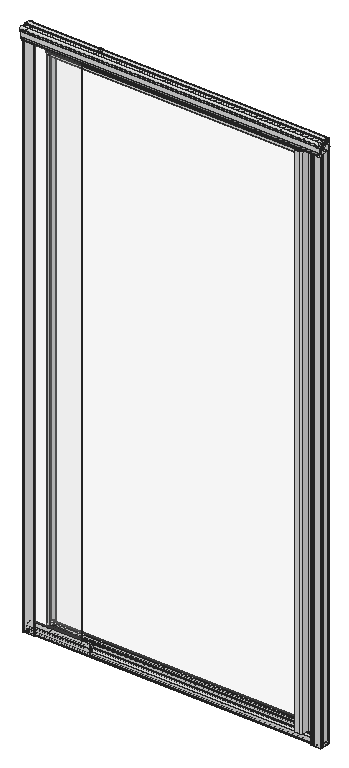
Revit family "Shower-Shower_Door-STERLING-Deluxe-572119_1", category Specialty Equipment, host Face, Revit 2021
Family settings
  Host = Face
  Round Connector Dimension = Use Diameter
  Part Type = Normal
  OmniClass Number = 23.31.17.17
  OmniClass Title = Shower Enclosures
  Cut with Voids When Loaded = No
  Shared = No
  Room Calculation Point = No
Parameters (values of type "S-Silver")
  Width = 8.84449" + Walk Through + 2.12165"  # 36.00551"
  WaterSense Certified = 1 = 0  # no
  Walk Through = 25.03937"
  URL = "https://www.sterlingplumbing.com/"
  Type = 1
  Product Page URL = "http://www.sterlingplumbing.com/detail?productNumber=572119-3G06"
  Product Name = "Deluxe"  # constant formula
  Product Documentation Link = "https://resources.kohler.com/plumbing/sterling/pdf/572119-3G06_spec_US-CA_Sterling_en.pdf"
  Model = "572119-3G06-S"  # constant formula
  Material = "Premium Metal Construction"  # constant formula
  Master Format 2014 Name = "Shower Doors"  # constant formula
  Master Format 2014 = "10 28 19.16"  # constant formula
  Manufacturer Address = "444 Highland Dr, Kohler, WI 53044"  # constant formula
  Manufacturer = "Sterling Co."  # constant formula
  Length = 2 15/256"  # constant formula
  Height = 65 173/256"  # constant formula
  Finish = Sterling-Metal-S-Silver
  Environmental Product Declaration = ""
  Distance = Walk Through + 4.19252"  # 29.23189"
  Description = "Bypass Door 65.5 X 36"  # constant formula
  Default Elevation = 4"
  Declare Label = ""
  Date Modified = "01/19/2023"  # constant formula
  Date Created = "01/19/2023"  # constant formula
  Copyright = "Copyright Sterling Co."  # constant formula
  Contact Us = "https://www.sterlingplumbing.com/contact-us"
  Assembly Code = "C1030200"
  ADA Compliant = 1 = 0  # no
Reference planes (in)
  plane 1 "Center (Front/Back)": y = 0
  plane 2: z = 0
  plane 3 "Center (Left/Right)": x = 0
  plane 4: x = -14.7125
  plane 5: x = -12.32296
  plane 6: x = -7.93888
  plane 7: x = 21.29301
  plane 8: y = 0.94571
  plane 9: y = 0.87118
  plane 10: y = -1.11288
  plane 11: y = 0.485
  plane 12: z = 65.67578
  plane 13: z = 65.565
  plane 14: z = 63.733
  plane 15: x = -7.7125
  plane 16: x = -5.86816
  plane 17: x = 18.26763
  plane 18: x = 20.01994
  plane 19: x = 19.70693
  plane 20: x = 19.01539
  plane 21: x = 19.17121
Dimensions and locks (in)
  "Length": plane 10 to plane 8
  "Height": plane 12 to level
  plane 4 to plane 6 = 6.77362"
  plane 15 to plane 4 = 7"
  locked: plane 16 to plane 3 "Center (Left/Right)" at 5.86816
  plane 17 to plane 20 to plane 21 to plane 19 to plane 18 to plane 7 = 0.74777" locked, 0.15582" locked, 0.53571" locked, 0.31301" locked, 1.27307" locked
  "Walk Through": plane 21 to plane 16
  "Distance": plane 6 to plane 7
  "Width": plane 7 to plane 4
  aligned and locked: plane 2 to host face
  aligned and locked: level to host face
Automatic sketch dimensions
  host sketch curve to host sketch curve = 96"  (x2)
Nested families (in)
  nested 1: "572119" at (0, 0, 0), type "572119"
    with Distance 29.23189"
Definition of nested family "572119"
  Parameters (values of type "K-572119")
    Distance = 27.55906"
    Material = none
    Default Elevation = 0"
  Reference planes (in)
    plane 1 "Center (Front/Back)": y = 0
    plane 2: z = 0
    plane 3 "Center (Left/Right)": x = 0
    plane 4: x = -14.7125
    plane 5: x = 18.03409
    plane 6: x = -7.9375
    plane 7: x = -12.32296
    plane 8: x = 18.34711
    plane 9: x = 19.62156
    plane 10: x = 19.50859
    plane 11: x = 17.49159
    plane 12: x = 18.03409
    plane 13: x = 19.62156
    plane 14: x = 18.03409
    plane 15: x = 19.50859
    plane 16: x = 17.65093
    plane 17: x = 17.34256
    plane 18: y = -1.111
    plane 19: y = 0.485
    plane 20: y = 0.87118
    plane 21: y = 0.99943
    plane 22: z = 65.675
    plane 23: z = 65.565
    plane 24: x = -9.5705
    plane 25: x = 16.59479
    plane 26: x = -7.70463
    plane 27: x = -5.86816
  Forms (in)
    Extrusion 1, solid, material <- "Material", detail levels medium+fine
      sketch origin (0, 0, 0) x (0, 1, 0) y (0, 0, 1)
        loop
          line (-1.061, 65.13165) -> (-1.061, 65.27359)
          arc (-1.061, 65.27359) -> (-1.01079, 65.39479) -> (-0.88959, 65.445) r 0.17141
          line (-0.88959, 65.445) -> (-0.70057, 65.445)
          arc (-0.70057, 65.445) -> (-0.68673, 65.43927) -> (-0.681, 65.42543) r 0.01957
          line (-0.681, 65.42543) -> (-0.681, 64.84236)
          arc (-0.681, 64.84236) -> (-0.656, 64.81736) -> (-0.631, 64.84236) r 0.025
          line (-0.631, 64.84236) -> (-0.631, 65.42479)
          arc (-0.631, 65.42479) -> (-0.62508, 65.43908) -> (-0.61079, 65.445) r 0.02021
          line (-0.61079, 65.445) -> (-0.43965, 65.445)
          arc (-0.43965, 65.445) -> (-0.42575, 65.43925) -> (-0.42, 65.42535) r 0.01965
          line (-0.42, 65.42535) -> (-0.42, 64.88523)
          arc (-0.42, 64.88523) -> (-0.39943, 64.83557) -> (-0.34977, 64.815) r 0.07023
          line (-0.34977, 64.815) -> (-0.29484, 64.815)
          arc (-0.29484, 64.815) -> (-0.26984, 64.84) -> (-0.29484, 64.865) r 0.025
          line (-0.29484, 64.865) -> (-0.34974, 64.865)
          arc (-0.34974, 64.865) -> (-0.36407, 64.87093) -> (-0.37, 64.88526) r 0.02026
          line (-0.37, 64.88526) -> (-0.37, 65.46846)
          arc (-0.37, 65.46846) -> (-0.35637, 65.50137) -> (-0.32346, 65.515) r 0.04654
          line (-0.32346, 65.515) -> (0.2445, 65.515)
          arc (0.2445, 65.515) -> (0.36506, 65.46506) -> (0.415, 65.3445) r 0.1705
          line (0.415, 65.3445) -> (0.415, 65.24513)
          arc (0.415, 65.24513) -> (0.41118, 65.22664) -> (0.40035, 65.21118) r 0.04667
          arc (0.40035, 65.21118) -> (0.38531, 65.18969) -> (0.38, 65.164) r 0.06485
          line (0.38, 65.164) -> (0.38, 64.88458)
          arc (0.38, 64.88458) -> (0.37427, 64.87073) -> (0.36042, 64.865) r 0.01958
          line (0.36042, 64.865) -> (0.31009, 64.865)
          arc (0.31009, 64.865) -> (0.28509, 64.84) -> (0.31009, 64.815) r 0.025
          line (0.31009, 64.815) -> (0.39529, 64.815)
          arc (0.39529, 64.815) -> (0.40923, 64.80923) -> (0.415, 64.79529) r 0.01971
          line (0.415, 64.79529) -> (0.415, 64.02433)
          arc (0.415, 64.02433) -> (0.44, 63.99933) -> (0.465, 64.02433) r 0.025
          line (0.465, 64.02433) -> (0.465, 64.39144) -> (0.485, 64.42) -> (0.46, 64.445) -> (0.485, 64.47) -> (0.465, 64.49384) -> (0.465, 64.81125)
          arc (0.465, 64.81125) -> (0.45913, 64.83937) -> (0.4425, 64.86278) r 0.07025
          arc (0.4425, 64.86278) -> (0.43326, 64.87578) -> (0.43, 64.89139) r 0.039
          line (0.43, 64.89139) -> (0.43, 65.15803)
          arc (0.43, 65.15803) -> (0.43416, 65.17548) -> (0.44575, 65.18916) r 0.03862
          arc (0.44575, 65.18916) -> (0.45991, 65.20587) -> (0.465, 65.22718) r 0.04718
          line (0.465, 65.22718) -> (0.465, 65.34359)
          arc (0.465, 65.34359) -> (0.40015, 65.50015) -> (0.24359, 65.565) r 0.22141
          line (0.24359, 65.565) -> (-0.37794, 65.565)
          arc (-0.37794, 65.565) -> (-0.39213, 65.55913) -> (-0.398, 65.54494) r 0.02006
          line (-0.398, 65.54494) -> (-0.398, 65.495) -> (-0.88885, 65.495)
          arc (-0.88885, 65.495) -> (-1.04593, 65.42993) -> (-1.111, 65.27285) r 0.22215
          line (-1.111, 65.27285) -> (-1.111, 65.08195)
          arc (-1.111, 65.08195) -> (-1.10516, 65.06784) -> (-1.09105, 65.062) r 0.01995
          line (-1.09105, 65.062) -> (-1.0463, 65.062)
          arc (-1.0463, 65.062) -> (-1.03195, 65.05605) -> (-1.026, 65.0417) r 0.0203
          line (-1.026, 65.0417) -> (-1.026, 64.314)
          arc (-1.026, 64.314) -> (-0.9772, 64.1848) -> (-0.85516, 64.12014) r 0.19541
          arc (-0.85516, 64.12014) -> (-0.82401, 64.08246) -> (-0.85965, 64.049) r 0.03571
          line (-0.85965, 64.049) -> (-0.91085, 64.049)
          arc (-0.91085, 64.049) -> (-0.93535, 64.0245) -> (-0.91085, 64) r 0.0245
          line (-0.91085, 64) -> (-0.83459, 64)
          arc (-0.83459, 64) -> (-0.79323, 64.01713) -> (-0.7761, 64.0585) r 0.0585
          line (-0.7761, 64.0585) -> (-0.7761, 64.10153)
          arc (-0.7761, 64.10153) -> (-0.79404, 64.14679) -> (-0.83813, 64.16746) r 0.06605
          arc (-0.83813, 64.16746) -> (-0.93611, 64.2134) -> (-0.976, 64.314) r 0.14681
          line (-0.976, 64.314) -> (-0.976, 65.046)
          arc (-0.976, 65.046) -> (-0.99497, 65.09204) -> (-1.04086, 65.11136) r 0.06536
          arc (-1.04086, 65.11136) -> (-1.05511, 65.11735) -> (-1.061, 65.13165) r 0.02029
      from -14.7125 to 19.62156
    Extrusion 2, solid, material <- "Material", detail levels medium+fine
      sketch origin (9.44882, 0, 0) x (1, 0, 0) y (0, 1, 0)
        loop
          line (8.89829, 0.365) -> (10.10219, 0.365)
          arc (10.10219, 0.365) -> (10.11672, 0.35898) -> (10.12274, 0.34446) r 0.02054
          line (10.12274, 0.34446) -> (10.12274, 0.29589)
          arc (10.12274, 0.29589) -> (10.11831, 0.28108) -> (10.10649, 0.27112) r 0.02702
          arc (10.10649, 0.27112) -> (10.07829, 0.24734) -> (10.06774, 0.212) r 0.06446
          line (10.06774, 0.212) -> (10.06774, -0.443)
          arc (10.06774, -0.443) -> (10.07833, -0.47877) -> (10.10669, -0.503) r 0.06569
          arc (10.10669, -0.503) -> (10.11837, -0.51298) -> (10.12274, -0.52771) r 0.02705
          line (10.12274, -0.52771) -> (10.12274, -0.57682)
          arc (10.12274, -0.57682) -> (10.11819, -0.59229) -> (10.106, -0.60285) r 0.02861
          arc (10.106, -0.60285) -> (10.07813, -0.62698) -> (10.06774, -0.66235) r 0.0654
          line (10.06774, -0.66235) -> (10.06774, -0.71502) -> (9.2617, -0.71502) -> (9.2617, -0.60928) -> (9.2117, -0.60928) -> (9.2117, -0.71502) -> (9.0357, -0.71502) -> (9.0357, -0.66009) -> (8.9857, -0.66009) -> (8.9857, -0.71502) -> (8.89829, -0.71502) -> (8.89829, -0.76512) -> (10.11774, -0.76512) -> (10.11774, -0.67227)
          arc (10.11774, -0.67227) -> (10.12241, -0.65607) -> (10.135, -0.64485) r 0.03041
          arc (10.135, -0.64485) -> (10.16252, -0.62033) -> (10.17274, -0.58492) r 0.06645
          line (10.17274, -0.58492) -> (10.17274, -0.52043)
          arc (10.17274, -0.52043) -> (10.1621, -0.48468) -> (10.13366, -0.46055) r 0.06541
          arc (10.13366, -0.46055) -> (10.12207, -0.45072) -> (10.11774, -0.43616) r 0.02665
          line (10.11774, -0.43616) -> (10.11774, 0.20474)
          arc (10.11774, 0.20474) -> (10.12228, 0.22007) -> (10.13443, 0.23045) r 0.02814
          arc (10.13443, 0.23045) -> (10.16232, 0.25427) -> (10.17274, 0.28943) r 0.06456
          line (10.17274, 0.28943) -> (10.17274, 0.39293)
          arc (10.17274, 0.39293) -> (10.16627, 0.40854) -> (10.15067, 0.415) r 0.02207
          line (10.15067, 0.415) -> (8.89829, 0.415) -> (8.89829, 0.365)
      from 0 to 64
    Extrusion 3, solid, material <- "Material", detail levels medium+fine
      sketch origin (0, 0, 0) x (-1, 0, 0) y (0, -1, 0)
        loop
          arc (14.28493, -0.36596) -> (14.25993, -0.39096) -> (14.28493, -0.41596) r 0.025
          line (14.28493, -0.41596) -> (14.68891, -0.41596)
          arc (14.68891, -0.41596) -> (14.71339, -0.39148) -> (14.68891, -0.367) r 0.02448
          line (14.68891, -0.367) -> (14.5311, -0.367)
          arc (14.5311, -0.367) -> (14.51724, -0.36126) -> (14.5115, -0.3474) r 0.0196
          line (14.5115, -0.3474) -> (14.5115, 0.36262)
          arc (14.5115, 0.36262) -> (14.51747, 0.37703) -> (14.53188, 0.383) r 0.02038
          line (14.53188, 0.383) -> (14.64412, 0.383)
          arc (14.64412, 0.383) -> (14.69247, 0.40303) -> (14.7125, 0.45138) r 0.06838
          line (14.7125, 0.45138) -> (14.7125, 0.63095)
          arc (14.7125, 0.63095) -> (14.7033, 0.65963) -> (14.67914, 0.67761) r 0.04931
          arc (14.67914, 0.67761) -> (14.66094, 0.70572) -> (14.68398, 0.73001) r 0.02707
          arc (14.68398, 0.73001) -> (14.71183, 0.7647) -> (14.67925, 0.795) r 0.03267
          line (14.67925, 0.795) -> (14.61241, 0.795)
          arc (14.61241, 0.795) -> (14.59193, 0.79143) -> (14.57386, 0.78116) r 0.06059
          arc (14.57386, 0.78116) -> (13.93876, 0.76602) -> (13.30371, 0.78328) r 12.45915
          arc (13.30371, 0.78328) -> (13.27781, 0.76039) -> (13.30022, 0.73409) r 0.02466
          arc (13.30022, 0.73409) -> (13.36881, 0.72965) -> (13.43753, 0.72853) r 1.42175
          line (13.43753, 0.72853) -> (13.43753, 0.65701)
          arc (13.43753, 0.65701) -> (13.46253, 0.63201) -> (13.48753, 0.65701) r 0.025
          line (13.48753, 0.65701) -> (13.48753, 0.72383)
          arc (13.48753, 0.72383) -> (14.03665, 0.71244) -> (14.58555, 0.732) r 9.75053
          arc (14.58555, 0.732) -> (14.60239, 0.72595) -> (14.6095, 0.70953) r 0.02252
          line (14.6095, 0.70953) -> (14.6095, 0.67694)
          arc (14.6095, 0.67694) -> (14.61989, 0.64157) -> (14.64776, 0.61744) r 0.0654
          arc (14.64776, 0.61744) -> (14.65995, 0.60688) -> (14.6645, 0.59141) r 0.02861
          line (14.6645, 0.59141) -> (14.6645, 0.45114)
          arc (14.6645, 0.45114) -> (14.65869, 0.4371) -> (14.64465, 0.43129) r 0.01985
          line (14.64465, 0.43129) -> (14.52125, 0.43129)
          arc (14.52125, 0.43129) -> (14.48041, 0.41437) -> (14.4635, 0.37354) r 0.05775
          line (14.4635, 0.37354) -> (14.4635, -0.34542)
          arc (14.4635, -0.34542) -> (14.45748, -0.35995) -> (14.44296, -0.36596) r 0.02054
          line (14.44296, -0.36596) -> (14.28493, -0.36596)
      from 0 to 64.815
    Extrusion 4, solid, material <- "Material", detail levels medium+fine
      sketch origin (9.44882, 0, 0) x (1, 0, 0) y (0, 1, 0)
        loop
          line (7.95727, 0.33321) -> (7.95727, 0.91732)
          arc (7.95727, 0.91732) -> (7.94896, 0.93739) -> (7.92888, 0.94571) r 0.0284
          line (7.92888, 0.94571) -> (7.14506, 0.94571) -> (7.14506, 0.8172) -> (7.18627, 0.8172) -> (7.18627, 0.89571) -> (7.88239, 0.89571)
          arc (7.88239, 0.89571) -> (7.89998, 0.88842) -> (7.90727, 0.87083) r 0.02489
          line (7.90727, 0.87083) -> (7.90727, 0.17108) -> (8.47878, 0.17108) -> (8.47878, -0.05979) -> (7.89374, -0.05979) -> (7.89374, -0.71933)
          arc (7.89374, -0.71933) -> (7.84185, -0.8446) -> (7.71659, -0.89649) r 0.17715
          line (7.71659, -0.89649) -> (7.20168, -0.89649) -> (7.20168, -0.81949) -> (7.14597, -0.81949) -> (7.14597, -0.96395) -> (7.76759, -0.96395)
          arc (7.76759, -0.96395) -> (7.9207, -0.90053) -> (7.98413, -0.74741) r 0.21654
          line (7.98413, -0.74741) -> (7.98413, -0.09828) -> (8.58527, -0.09828) -> (8.58527, 0.33321) -> (8.49808, 0.33321) -> (8.49808, 0.29321) -> (8.54527, 0.29321) -> (8.54527, 0.22821) -> (7.94327, 0.22821) -> (7.94327, 0.29321) -> (8.06134, 0.29321) -> (8.06134, 0.33321) -> (7.95727, 0.33321)
      from 0.858 to 63.733
    Extrusion 5, solid, material <- "Material", detail levels medium+fine
      sketch origin (0, 0, 0) x (0, 1, 0) y (0, 0, 1)
        loop
          line (-0.58329, 0.405) -> (-0.58329, 0.63016)
          arc (-0.58329, 0.63016) -> (-0.60829, 0.65516) -> (-0.63329, 0.63016) r 0.025
          line (-0.63329, 0.63016) -> (-0.63329, 0.15895)
          arc (-0.63329, 0.15895) -> (-0.60329, 0.12895) -> (-0.57329, 0.15895) r 0.03
          line (-0.57329, 0.15895) -> (-0.57329, 0.18982)
          arc (-0.57329, 0.18982) -> (-0.56738, 0.20409) -> (-0.55311, 0.21) r 0.02018
          line (-0.55311, 0.21) -> (-0.51318, 0.21)
          arc (-0.51318, 0.21) -> (-0.49912, 0.20417) -> (-0.49329, 0.1901) r 0.0199
          line (-0.49329, 0.1901) -> (-0.49329, 0.0903)
          arc (-0.49329, 0.0903) -> (-0.49924, 0.07595) -> (-0.51359, 0.07) r 0.0203
          line (-0.51359, 0.07) -> (-0.63329, 0.07) -> (-0.63329, 0.01981)
          arc (-0.63329, 0.01981) -> (-0.62749, 0.0058) -> (-0.61348, 0) r 0.01981
          line (-0.61348, 0) -> (-0.50871, 0)
          arc (-0.50871, 0) -> (-0.45892, 0.02063) -> (-0.43829, 0.07043) r 0.07043
          line (-0.43829, 0.07043) -> (-0.43829, 0.19468)
          arc (-0.43829, 0.19468) -> (-0.45889, 0.2444) -> (-0.50861, 0.265) r 0.07032
          line (-0.50861, 0.265) -> (-0.55328, 0.265)
          arc (-0.55328, 0.265) -> (-0.56743, 0.27086) -> (-0.57329, 0.28501) r 0.02001
          line (-0.57329, 0.28501) -> (-0.57329, 0.33193)
          arc (-0.57329, 0.33193) -> (-0.56741, 0.34612) -> (-0.55321, 0.352) r 0.02007
          line (-0.55321, 0.352) -> (0.28647, 0.352)
          arc (0.28647, 0.352) -> (0.30078, 0.34607) -> (0.30671, 0.33176) r 0.02024
          line (0.30671, 0.33176) -> (0.30671, 0.045) -> (0.00563, 0.045)
          arc (0.00563, 0.045) -> (-0.01687, 0.0225) -> (0.00563, 0) r 0.0225
          line (0.00563, 0) -> (0.34193, 0)
          arc (0.34193, 0) -> (0.35592, 0.00579) -> (0.36171, 0.01978) r 0.01978
          line (0.36171, 0.01978) -> (0.36171, 0.32621)
          arc (0.36171, 0.32621) -> (0.33863, 0.38192) -> (0.28292, 0.405) r 0.07879
          line (0.28292, 0.405) -> (-0.58329, 0.405)
      from -14.4635 to 19.62156
    Extrusion 6, solid, material <- "Material", detail levels medium+fine
      sketch origin (0, 0, 0) x (0, 1, 0) y (0, 0, 1)
        loop
          line (-0.66335, 0.085) -> (-0.5288, 0.085)
          arc (-0.5288, 0.085) -> (-0.5143, 0.09101) -> (-0.50829, 0.10551) r 0.02051
          line (-0.50829, 0.10551) -> (-0.50829, 0.17839)
          arc (-0.50829, 0.17839) -> (-0.53313, 0.20323) -> (-0.55797, 0.17839) r 0.02484
          line (-0.55797, 0.17839) -> (-0.55797, 0.14149)
          arc (-0.55797, 0.14149) -> (-0.56393, 0.12709) -> (-0.57833, 0.12112) r 0.02036
          line (-0.57833, 0.12112) -> (-0.6131, 0.12112)
          arc (-0.6131, 0.12112) -> (-0.62738, 0.12703) -> (-0.63329, 0.14131) r 0.02018
          line (-0.63329, 0.14131) -> (-0.63329, 0.82489)
          arc (-0.63329, 0.82489) -> (-0.6274, 0.83911) -> (-0.61318, 0.845) r 0.02011
          line (-0.61318, 0.845) -> (-0.4016, 0.845)
          arc (-0.4016, 0.845) -> (-0.38724, 0.83905) -> (-0.38129, 0.82468) r 0.02032
          line (-0.38129, 0.82468) -> (-0.38129, 0.54698)
          arc (-0.38129, 0.54698) -> (-0.35629, 0.52198) -> (-0.33129, 0.54698) r 0.025
          line (-0.33129, 0.54698) -> (-0.33129, 0.91969) -> (-0.36326, 1.37692)
          arc (-0.36326, 1.37692) -> (-0.38994, 1.40011) -> (-0.41314, 1.37343) r 0.025
          line (-0.41314, 1.37343) -> (-0.38147, 0.92055)
          arc (-0.38147, 0.92055) -> (-0.38659, 0.90611) -> (-0.40064, 0.9) r 0.01921
          line (-0.40064, 0.9) -> (-0.61334, 0.9)
          arc (-0.61334, 0.9) -> (-0.62784, 0.9063) -> (-0.63312, 0.92121) r 0.01982
          line (-0.63312, 0.92121) -> (-0.60149, 1.37344)
          arc (-0.60149, 1.37344) -> (-0.62467, 1.4001) -> (-0.65133, 1.37692) r 0.02498
          line (-0.65133, 1.37692) -> (-0.68329, 0.91988) -> (-0.68329, 0.10494)
          arc (-0.68329, 0.10494) -> (-0.67745, 0.09084) -> (-0.66335, 0.085) r 0.01994
      from -14.57386 to -6.71278
    Extrusion 7, solid, material <- "Material", detail levels medium+fine
      sketch origin (0, 0, 0) x (1, 0, 0) y (0, 1, 0)
        loop
          line (-11.97796, 0.70896) -> (-11.97796, 0.23924) -> (-12.2997, 0.23924)
          arc (-12.2997, 0.23924) -> (-12.31615, 0.23242) -> (-12.32296, 0.21597) r 0.02327
          line (-12.32296, 0.21597) -> (-12.32296, -0.0903)
          arc (-12.32296, -0.0903) -> (-12.3166, -0.10565) -> (-12.30125, -0.11201) r 0.02171
          line (-12.30125, -0.11201) -> (-11.95216, -0.11201)
          arc (-11.95216, -0.11201) -> (-11.92605, -0.0859) -> (-11.95216, -0.05979) r 0.02611
          line (-11.95216, -0.05979) -> (-12.28296, -0.05979) -> (-12.28296, 0.17318) -> (-11.96906, 0.17318)
          arc (-11.96906, 0.17318) -> (-11.94, 0.18522) -> (-11.92796, 0.21428) r 0.0411
          line (-11.92796, 0.21428) -> (-11.92796, 0.80371)
          arc (-11.92796, 0.80371) -> (-12.05795, 0.85533) -> (-11.99879, 0.7286) r 0.07524
          arc (-11.99879, 0.7286) -> (-11.98414, 0.72327) -> (-11.97796, 0.70896) r 0.01967
      from 1.106 to 63.27339
    Extrusion 8, solid, material <- "Material", detail levels medium+fine
      sketch origin (0, 0, 0) x (0, 1, 0) y (0, 0, 1)
        loop
          line (0.77252, 1.13401) -> (0.26663, 1.33308)
          arc (0.26663, 1.33308) -> (0.2276, 1.36425) -> (0.21289, 1.41198) r 0.08479
          line (0.21289, 1.41198) -> (0.21289, 1.7169)
          arc (0.21289, 1.7169) -> (0.1966, 1.75621) -> (0.15729, 1.7725) r 0.0556
          line (0.15729, 1.7725) -> (0.12419, 1.7725) -> (0.12419, 1.45522) -> (-0.00479, 1.45522) -> (-0.00479, 1.7725) -> (-0.04162, 1.7725)
          arc (-0.04162, 1.7725) -> (-0.0824, 1.75561) -> (-0.09929, 1.71483) r 0.05767
          line (-0.09929, 1.71483) -> (-0.09929, 1.35234)
          arc (-0.09929, 1.35234) -> (-0.10935, 1.32806) -> (-0.13363, 1.318) r 0.03434
          line (-0.13363, 1.318) -> (-0.22356, 1.318)
          arc (-0.22356, 1.318) -> (-0.23924, 1.31151) -> (-0.24573, 1.29583) r 0.02217
          line (-0.24573, 1.29583) -> (-0.24573, 0.87817)
          arc (-0.24573, 0.87817) -> (-0.23982, 0.86391) -> (-0.22556, 0.858) r 0.02017
          line (-0.22556, 0.858) -> (-0.10799, 0.858)
          arc (-0.10799, 0.858) -> (-0.07549, 0.8905) -> (-0.10799, 0.923) r 0.0325
          line (-0.10799, 0.923) -> (-0.15146, 0.923)
          arc (-0.15146, 0.923) -> (-0.16619, 0.9291) -> (-0.17229, 0.94382) r 0.02082
          line (-0.17229, 0.94382) -> (-0.17229, 1.23304)
          arc (-0.17229, 1.23304) -> (-0.16644, 1.24715) -> (-0.15233, 1.253) r 0.01996
          line (-0.15233, 1.253) -> (-0.07088, 1.253)
          arc (-0.07088, 1.253) -> (-0.0565, 1.2481) -> (-0.0481, 1.23544) r 0.02356
          arc (-0.0481, 1.23544) -> (-0.03728, 1.21039) -> (-0.01955, 1.18965) r 0.09133
          arc (-0.01955, 1.18965) -> (0.01463, 1.19133) -> (0.01452, 1.22554) r 0.02477
          arc (0.01452, 1.22554) -> (0.05738, 1.32666) -> (0.10093, 1.22584) r 0.05973
          arc (0.10093, 1.22584) -> (0.10167, 1.19064) -> (0.13687, 1.19098) r 0.02504
          arc (0.13687, 1.19098) -> (0.16405, 1.23784) -> (0.16485, 1.29201) r 0.10718
          arc (0.16485, 1.29201) -> (0.1699, 1.30803) -> (0.18645, 1.3109) r 0.01616
          line (0.18645, 1.3109) -> (0.34499, 1.24851)
          arc (0.34499, 1.24851) -> (0.35786, 1.23823) -> (0.36271, 1.22249) r 0.02797
          line (0.36271, 1.22249) -> (0.36271, 1.16873)
          arc (0.36271, 1.16873) -> (0.35703, 1.15427) -> (0.34302, 1.14754) r 0.02125
          arc (0.34302, 1.14754) -> (0.30367, 1.12863) -> (0.28771, 1.08801) r 0.05969
          line (0.28771, 1.08801) -> (0.28771, 0.94276)
          arc (0.28771, 0.94276) -> (0.28192, 0.92879) -> (0.26795, 0.923) r 0.01976
          line (0.26795, 0.923) -> (0.19571, 0.923) -> (0.19571, 0.87813)
          arc (0.19571, 0.87813) -> (0.20161, 0.8639) -> (0.21584, 0.858) r 0.02013
          line (0.21584, 0.858) -> (0.32846, 0.858)
          arc (0.32846, 0.858) -> (0.34298, 0.86402) -> (0.349, 0.87854) r 0.02054
          line (0.349, 0.87854) -> (0.349, 1.06878)
          arc (0.349, 1.06878) -> (0.38787, 1.10766) -> (0.42675, 1.06878) r 0.03887
          line (0.42675, 1.06878) -> (0.42675, 0.87636)
          arc (0.42675, 0.87636) -> (0.43406, 0.8624) -> (0.4497, 0.86046) r 0.01698
          arc (0.4497, 0.86046) -> (0.47728, 0.88198) -> (0.48771, 0.91536) r 0.05866
          line (0.48771, 0.91536) -> (0.48771, 1.08801)
          arc (0.48771, 1.08801) -> (0.47159, 1.12896) -> (0.43188, 1.14795) r 0.0601
          arc (0.43188, 1.14795) -> (0.41825, 1.15447) -> (0.41271, 1.16854) r 0.02064
          line (0.41271, 1.16854) -> (0.41271, 1.22186) -> (0.75421, 1.08748)
          arc (0.75421, 1.08748) -> (0.78663, 1.10159) -> (0.77252, 1.13401) r 0.025
      from -11.92796 to 17.34256
    Extrusion 9, solid, detail levels medium+fine
      sketch origin (2.49972, 0, 0) x (1, 0, 0) y (0, 1, 0)
        loop
          line (-9.5625, -0.38314) -> (-9.5625, -0.63143) -> (-9.2125, -0.63143) -> (-9.2125, -0.69141) -> (-9.17284, -0.69141)
          arc (-9.17284, -0.69141) -> (-9.13017, -0.67374) -> (-9.1125, -0.63107) r 0.06034
          line (-9.1125, -0.63107) -> (-9.1125, -0.37919)
          arc (-9.1125, -0.37919) -> (-9.12891, -0.33957) -> (-9.16853, -0.32317) r 0.05603
          line (-9.16853, -0.32317) -> (-9.2125, -0.32317) -> (-9.2125, -0.38314) -> (-9.5625, -0.38314)
      from 0.9 to 1.38512
    Extrusion 10, solid, material <- "Material", detail levels medium+fine
      sketch origin (9.44882, 0, 0) x (1, 0, 0) y (0, 1, 0)
        loop
          line (9.27747, -0.52829) -> (9.27747, 0.30671) -> (10.05977, 0.30671) -> (10.05977, 0.36171) -> (9.28447, 0.36171) -> (9.28447, 0.41171) -> (8.59777, 0.41171) -> (8.59777, 0.48998)
          arc (8.59777, 0.48998) -> (8.58688, 0.51629) -> (8.56057, 0.52718) r 0.0372
          line (8.56057, 0.52718) -> (8.04277, 0.52718) -> (8.04277, 0.35571) -> (8.13847, 0.35571) -> (8.13847, 0.43221) -> (8.09277, 0.43221) -> (8.09277, 0.47071) -> (8.53147, 0.47071) -> (8.53147, 0.35571) -> (9.22247, 0.35571) -> (9.22247, -0.58329) -> (10.05977, -0.58329) -> (10.05977, -0.52829) -> (9.27747, -0.52829)
      from 0.405 to 63.875
    Extrusion 11, solid
      sketch origin (0, 0, 0) x (1, 0, 0) y (0, 1, 0)
        loop
          line (-7.70463, -0.58529) -> (-7.70463, -0.4383) -> (-14.63825, -0.4383) -> (-14.63825, -0.58529) -> (-7.70463, -0.58529)
      from 0.9 to 65.30343
    Extrusion 12, solid, material <- "Material", detail levels medium+fine
      sketch origin (0, 0, 64.815) x (0, 1, 0) y (0, 0, 1)
        loop
          arc (0.77252, -1.35762) -> (0.78663, -1.3252) -> (0.75421, -1.31109) r 0.025
          line (0.75421, -1.31109) -> (0.41271, -1.44547) -> (0.41271, -1.39215)
          arc (0.41271, -1.39215) -> (0.41825, -1.37808) -> (0.43188, -1.37156) r 0.02064
          arc (0.43188, -1.37156) -> (0.47159, -1.35258) -> (0.48771, -1.31162) r 0.0601
          line (0.48771, -1.31162) -> (0.48771, -1.13898)
          arc (0.48771, -1.13898) -> (0.47728, -1.10559) -> (0.4497, -1.08408) r 0.05866
          arc (0.4497, -1.08408) -> (0.43406, -1.08601) -> (0.42675, -1.09997) r 0.01698
          line (0.42675, -1.09997) -> (0.42675, -1.29239)
          arc (0.42675, -1.29239) -> (0.38787, -1.33127) -> (0.349, -1.29239) r 0.03887
          line (0.349, -1.29239) -> (0.349, -1.10215)
          arc (0.349, -1.10215) -> (0.34298, -1.08763) -> (0.32846, -1.08161) r 0.02054
          line (0.32846, -1.08161) -> (0.21584, -1.08161)
          arc (0.21584, -1.08161) -> (0.20161, -1.08751) -> (0.19571, -1.10174) r 0.02013
          line (0.19571, -1.10174) -> (0.19571, -1.14661) -> (0.26795, -1.14661)
          arc (0.26795, -1.14661) -> (0.28192, -1.1524) -> (0.28771, -1.16637) r 0.01976
          line (0.28771, -1.16637) -> (0.28771, -1.31162)
          arc (0.28771, -1.31162) -> (0.30367, -1.35225) -> (0.34302, -1.37115) r 0.05969
          arc (0.34302, -1.37115) -> (0.35703, -1.37788) -> (0.36271, -1.39234) r 0.02125
          line (0.36271, -1.39234) -> (0.36271, -1.4461)
          arc (0.36271, -1.4461) -> (0.35786, -1.46184) -> (0.34499, -1.47212) r 0.02797
          line (0.34499, -1.47212) -> (0.18645, -1.53451)
          arc (0.18645, -1.53451) -> (0.1699, -1.53164) -> (0.16485, -1.51562) r 0.01616
          arc (0.16485, -1.51562) -> (0.16405, -1.46146) -> (0.13687, -1.4146) r 0.10718
          arc (0.13687, -1.4146) -> (0.10167, -1.41425) -> (0.10093, -1.44945) r 0.02504
          arc (0.10093, -1.44945) -> (0.05738, -1.55027) -> (0.01452, -1.44916) r 0.05973
          arc (0.01452, -1.44916) -> (0.01463, -1.41494) -> (-0.01955, -1.41326) r 0.02477
          arc (-0.01955, -1.41326) -> (-0.03728, -1.434) -> (-0.0481, -1.45905) r 0.09133
          arc (-0.0481, -1.45905) -> (-0.0565, -1.47171) -> (-0.07088, -1.47661) r 0.02356
          line (-0.07088, -1.47661) -> (-0.15233, -1.47661)
          arc (-0.15233, -1.47661) -> (-0.16644, -1.47077) -> (-0.17229, -1.45665) r 0.01996
          line (-0.17229, -1.45665) -> (-0.17229, -1.16744)
          arc (-0.17229, -1.16744) -> (-0.16619, -1.15271) -> (-0.15146, -1.14661) r 0.02082
          line (-0.15146, -1.14661) -> (-0.10799, -1.14661)
          arc (-0.10799, -1.14661) -> (-0.07549, -1.11411) -> (-0.10799, -1.08161) r 0.0325
          line (-0.10799, -1.08161) -> (-0.22556, -1.08161)
          arc (-0.22556, -1.08161) -> (-0.23982, -1.08752) -> (-0.24573, -1.10179) r 0.02017
          line (-0.24573, -1.10179) -> (-0.24573, -1.51944)
          arc (-0.24573, -1.51944) -> (-0.23924, -1.53512) -> (-0.22356, -1.54161) r 0.02217
          line (-0.22356, -1.54161) -> (-0.13363, -1.54161)
          arc (-0.13363, -1.54161) -> (-0.10935, -1.55167) -> (-0.09929, -1.57595) r 0.03434
          line (-0.09929, -1.57595) -> (-0.09929, -1.93844)
          arc (-0.09929, -1.93844) -> (-0.0824, -1.97922) -> (-0.04162, -1.99611) r 0.05767
          line (-0.04162, -1.99611) -> (-0.00479, -1.99611) -> (-0.00479, -1.67883) -> (0.12419, -1.67883) -> (0.12419, -1.99611) -> (0.15729, -1.99611)
          arc (0.15729, -1.99611) -> (0.1966, -1.97983) -> (0.21289, -1.94051) r 0.0556
          line (0.21289, -1.94051) -> (0.21289, -1.63559)
          arc (0.21289, -1.63559) -> (0.2276, -1.58786) -> (0.26663, -1.55669) r 0.08479
          line (0.26663, -1.55669) -> (0.77252, -1.35762)
      from -12.32296 to 17.34256
    Extrusion 13, solid
      sketch origin (0, 0, 0) x (1, 0, 0) y (0, 1, 0)
        loop
          line (-12.23996, 0.12419) -> (-12.23996, -0.00479) -> (17.65093, -0.00479) -> (17.65093, 0.12419) -> (-12.23996, 0.12419)
      from 1.45522 to 63.13617
    Extrusion 14, solid, material <- "Material", detail levels medium+fine
      sketch origin (0, 0, 0) x (0, 1, 0) y (0, 0, 1)
        loop
          line (0.37, 65.359) -> (0.214, 65.515) -> (-0.214, 65.515) -> (-0.37, 65.359) -> (-0.37, 64.89) -> (-0.29559, 64.89)
          arc (-0.29559, 64.89) -> (-0.28103, 64.88397) -> (-0.275, 64.86941) r 0.02059
          line (-0.275, 64.86941) -> (-0.275, 64.64) -> (0.275, 64.64) -> (0.275, 64.86896)
          arc (0.275, 64.86896) -> (0.28116, 64.88384) -> (0.29604, 64.89) r 0.02104
          line (0.29604, 64.89) -> (0.37, 64.89) -> (0.37, 65.359)
      from -7.4375 to -8.9875
    Revolve 15, solid, detail levels medium+fine
      sketch origin (2.06934, 0, 0) x (1, 0, 0) y (0, 0, 1)
        loop
          line (-7.9375, 65.675) -> (-8.19352, 65.675) -> (-8.19352, 65.565) -> (-7.9375, 65.565) -> (-7.9375, 65.675)
        axis (-7.9375, 65.565) -> (-7.9375, 65.675)
      angle from 0 to 360
    Revolve 16, solid, detail levels medium+fine
      sketch origin (2.06934, 0, 0) x (1, 0, 0) y (0, 0, 1)
        loop
          line (-8.71249, 63.48) -> (-8.71249, 64.81125) -> (-8.83588, 64.81125) -> (-8.83588, 63.952) -> (-8.98627, 63.952) -> (-8.98627, 63.733) -> (-8.83588, 63.733) -> (-8.83588, 63.48) -> (-8.71249, 63.48)
        axis (-8.71249, 64.81125) -> (-8.71249, 63.48)
      angle from 0 to 360
    Extrusion 17, void
      sketch origin (2.06934, 0, 0) x (1, 0, 0) y (0, 1, 0)
        loop
          line (-8.03709, 0.1725) -> (-8.13669, 0) -> (-8.03709, -0.1725) -> (-7.83791, -0.1725) -> (-7.73831, 0) -> (-7.83791, 0.1725) -> (-8.03709, 0.1725)
        loop
          circle (-7.9375, 0) r 0.25602
      from 66.03381 to 65.23119
    Revolve 18, solid, material <- "Material", detail levels medium+fine
      sketch origin (0, 0, 0) x (1, 0, 0) y (0, 0, 1)
        loop
          line (-8.7125, 0.405) -> (-8.45767, 0.405) -> (-8.45767, 0.858) -> (-8.7125, 0.858) -> (-8.7125, 0.405)
        axis (-8.7125, 0.858) -> (-8.7125, 0.405)
      angle from 0 to 360
    Revolve 19, solid, detail levels coarse
      sketch origin (2.06934, 0, 0) x (1, 0, 0) y (0, 0, 1)
        loop
          line (-7.9375, 65.675) -> (-7.9375, 65.565) -> (-7.79316, 65.565) -> (-7.79316, 65.675) -> (-7.9375, 65.675)
        axis (-7.9375, 65.675) -> (-7.9375, 65.565)
      angle from 0 to 360
    Revolve 20, solid, detail levels coarse
      sketch origin (2.06934, 0, 0) x (1, 0, 0) y (0, 0, 1)
        loop
          line (-8.7125, 64) -> (-8.7125, 63.733) -> (-8.45962, 63.733) -> (-8.45962, 64) -> (-8.7125, 64)
        axis (-8.7125, 64) -> (-8.7125, 63.733)
      angle from 0 to 360
    Extrusion 21, solid, material <- "Material", detail levels coarse
      sketch origin (0, 0, 0) x (0, 1, 0) y (0, 0, 1)
        loop
          line (-1.111, 65.675) -> (-1.111, 63.733) -> (-0.78731, 63.733) -> (-0.78731, 63.0607) -> (0.485, 63.0607) -> (0.485, 63.733) -> (0.99943, 63.733) -> (0.99943, 65.675) -> (-1.111, 65.675)
        loop
          line (0.99943, 0) -> (0.99943, 1.13458) -> (0.485, 1.13458) -> (0.485, 1.67555) -> (-0.6259, 1.67555) -> (-0.6259, 1.13458) -> (-1.111, 1.13458) -> (-1.111, 0) -> (0.99943, 0)
      from -14.7125 to 19.62156
    Extrusion 22, solid, material <- "Material", detail levels coarse
      sketch origin (0, 0, 0) x (1, 0, 0) y (0, 1, 0)
        loop
          line (-14.7125, 0.485) -> (-14.7125, -1.111) -> (-12.32296, -1.111) -> (-12.32296, 0.485) -> (-14.7125, 0.485)
        loop
          line (19.62156, -1.111) -> (19.62156, 0.485) -> (17.34256, 0.485) -> (17.34256, 0.99943) -> (16.59479, 0.99943) -> (16.59479, 0.485) -> (16.59479, -1.111) -> (19.62156, -1.111)
      from 0 to 65.675
  Cuts and joins
    Extrusion 17 cuts Revolve 15
    joined: Extrusion 21, Extrusion 22
  Lines and regions (in)
    Masking region 1
      outline origin (0, 0, 0) x (1, 0, 0) y (0, 0, 1)
        loop
          line (-14.7125, 65.565) -> (-14.7125, 0) -> (19.62156, 0) -> (19.62156, 65.565) -> (-7.9375, 65.565) -> (-14.7125, 65.565)
        loop
          line (-7.70463, 63.733) -> (17.34256, 63.733) -> (17.34256, 63.875) -> (18.31538, 63.875) -> (18.31538, 64) -> (-7.70463, 64) -> (-7.70463, 63.733)
        loop
          line (17.48906, 0.65573) -> (17.48906, 0.858) -> (-6.61774, 0.858) -> (-6.61774, 0.65573) -> (17.48906, 0.65573)
    Masking region 2
      outline origin (0, 0, 0) x (0, 1, 0) y (0, 0, 1)
        loop
          line (-0.795, 0) -> (0.415, 0) -> (0.415, 0.405) -> (0.53171, 0.405) -> (0.53171, 0.858) -> (0.99943, 0.858) -> (0.99943, 63.733) -> (0.53171, 63.733) -> (0.53171, 63.875) -> (0.41571, 63.875) -> (0.41571, 64.02149)
          arc (0.41571, 64.02149) -> (0.44199, 64.00029) -> (0.465, 64.025) r 0.02477
          line (0.465, 64.025) -> (0.465, 64.13478) -> (0.53563, 64.13478)
          arc (0.53563, 64.13478) -> (0.55357, 64.14221) -> (0.561, 64.16015) r 0.02537
          line (0.561, 64.16015) -> (0.561, 64.57964)
          arc (0.561, 64.57964) -> (0.55389, 64.59681) -> (0.53673, 64.60391) r 0.02427
          line (0.53673, 64.60391) -> (0.465, 64.60391) -> (0.465, 64.81125)
          arc (0.465, 64.81125) -> (0.45576, 64.85027) -> (0.43, 64.881) r 0.087
          line (0.43, 64.881) -> (0.43, 65.16331)
          arc (0.43, 65.16331) -> (0.43511, 65.17874) -> (0.44843, 65.18806) r 0.02583
          arc (0.44843, 65.18806) -> (0.46072, 65.20809) -> (0.465, 65.23119) r 0.06444
          line (0.465, 65.23119) -> (0.465, 65.34205)
          arc (0.465, 65.34205) -> (0.3997, 65.4997) -> (0.24205, 65.565) r 0.22295
          line (0.24205, 65.565) -> (0.125, 65.565) -> (0.125, 65.675) -> (-0.125, 65.675) -> (-0.125, 65.565) -> (-0.37752, 65.565)
          arc (-0.37752, 65.565) -> (-0.392, 65.559) -> (-0.398, 65.54452) r 0.02048
          line (-0.398, 65.54452) -> (-0.398, 65.49518) -> (-0.89175, 65.49518)
          arc (-0.89175, 65.49518) -> (-1.04713, 65.43082) -> (-1.1115, 65.27544) r 0.21974
          line (-1.1115, 65.27544) -> (-1.1115, 65.0807)
          arc (-1.1115, 65.0807) -> (-1.10545, 65.06612) -> (-1.09087, 65.06007) r 0.02063
          line (-1.09087, 65.06007) -> (-1.04582, 65.06007)
          arc (-1.04582, 65.06007) -> (-1.02932, 65.05324) -> (-1.02249, 65.03674) r 0.02334
          line (-1.02249, 65.03674) -> (-1.02249, 64.30754)
          arc (-1.02249, 64.30754) -> (-0.97351, 64.18063) -> (-0.85197, 64.11954) r 0.1889
          arc (-0.85197, 64.11954) -> (-0.81848, 64.08339) -> (-0.85376, 64.049) r 0.03529
          line (-0.85376, 64.049) -> (-0.90947, 64.049)
          arc (-0.90947, 64.049) -> (-0.93397, 64.0245) -> (-0.90947, 64) r 0.0245
          line (-0.90947, 64) -> (-0.847, 64)
          arc (-0.847, 64) -> (-0.81887, 64.00558) -> (-0.795, 64.02149) r 0.07365
          line (-0.795, 64.02149) -> (-0.795, 63.733) -> (-0.96447, 63.733) -> (-0.96447, 0.858) -> (-0.795, 0.858) -> (-0.795, 0)
        loop
          arc (-0.631, 64.92103) -> (-0.63678, 64.86644) -> (-0.65385, 64.81427) r 0.26086
          line (-0.65385, 64.81427) -> (-0.58529, 64.81427) -> (-0.58529, 65.28514)
          arc (-0.58529, 65.28514) -> (-0.50729, 65.30735) -> (-0.42929, 65.28514) r 0.14805
          line (-0.42929, 65.28514) -> (-0.42929, 64.81427) -> (-0.349, 64.81427)
          arc (-0.349, 64.81427) -> (-0.39925, 64.83554) -> (-0.42, 64.886) r 0.07173
          line (-0.42, 64.886) -> (-0.42, 65.445) -> (-0.631, 65.445) -> (-0.631, 64.92103)
        loop
          line (-0.681, 65.445) -> (-0.89035, 65.445)
          arc (-0.89035, 65.445) -> (-1.01102, 65.39502) -> (-1.061, 65.27435) r 0.17065
          line (-1.061, 65.27435) -> (-1.061, 65.13274)
          arc (-1.061, 65.13274) -> (-1.05484, 65.11766) -> (-1.03989, 65.11119) r 0.02155
          arc (-1.03989, 65.11119) -> (-0.99463, 65.09164) -> (-0.976, 65.046) r 0.06521
          line (-0.976, 65.046) -> (-0.976, 64.314)
          arc (-0.976, 64.314) -> (-0.93902, 64.21742) -> (-0.847, 64.17023) r 0.14461
          arc (-0.847, 64.17023) -> (-0.8191, 64.16258) -> (-0.795, 64.14657) r 0.09113
          line (-0.795, 64.14657) -> (-0.795, 64.81427) -> (-0.681, 64.81427) -> (-0.681, 65.445)
        loop
          line (0.37, 65.359) -> (0.37, 64.89) -> (0.297, 64.89)
          arc (0.297, 64.89) -> (0.28144, 64.88356) -> (0.275, 64.868) r 0.022
          line (0.275, 64.868) -> (0.275, 64.81427) -> (0.31, 64.81427)
          arc (0.31, 64.81427) -> (0.28464, 64.83964) -> (0.31, 64.865) r 0.02536
          line (0.31, 64.865) -> (0.35811, 64.865)
          arc (0.35811, 64.865) -> (0.37359, 64.87141) -> (0.38, 64.88689) r 0.02189
          line (0.38, 64.88689) -> (0.38, 65.164)
          arc (0.38, 65.164) -> (0.3855, 65.18999) -> (0.40104, 65.21152) r 0.06418
          arc (0.40104, 65.21152) -> (0.41135, 65.2258) -> (0.415, 65.24304) r 0.04256
          line (0.415, 65.24304) -> (0.415, 65.343)
          arc (0.415, 65.343) -> (0.37159, 65.45773) -> (0.2631, 65.515) r 0.17333
          line (0.2631, 65.515) -> (0.214, 65.515) -> (0.37, 65.359)
        loop
          line (-0.214, 65.515) -> (-0.32427, 65.515) -> (-0.37, 65.46927) -> (-0.37, 65.359) -> (-0.214, 65.515)
    Masking region 3
      outline origin (0, 0, 0) x (1, 0, 0) y (0, 1, 0)
        loop
          line (-14.7125, -1.111) -> (19.62156, -1.111) -> (19.62156, 0.485) -> (19.43338, 0.485) -> (19.43338, 0.53932)
          arc (19.43338, 0.53932) -> (19.42708, 0.55453) -> (19.41187, 0.56083) r 0.02151
          line (19.41187, 0.56083) -> (18.98308, 0.56083)
          arc (18.98308, 0.56083) -> (18.96923, 0.55509) -> (18.96349, 0.54124) r 0.01959
          line (18.96349, 0.54124) -> (18.96349, 0.485) -> (18.04659, 0.485) -> (18.04659, 0.53105) -> (17.49159, 0.53105) -> (17.49159, 0.485) -> (17.40609, 0.485) -> (17.40609, 0.83353)
          arc (17.40609, 0.83353) -> (17.37324, 0.91285) -> (17.29391, 0.94571) r 0.11218
          line (17.29391, 0.94571) -> (16.59479, 0.94571) -> (16.59479, 0.8172) -> (16.65342, 0.8172) -> (16.65342, 0.89571) -> (17.2922, 0.89571)
          arc (17.2922, 0.89571) -> (17.33738, 0.877) -> (17.35609, 0.83182) r 0.0639
          line (17.35609, 0.83182) -> (17.35609, 0.78766) -> (-11.92796, 0.78766) -> (-11.92796, 0.82045)
          arc (-11.92796, 0.82045) -> (-11.93937, 0.85294) -> (-11.96859, 0.87118) r 0.05199
          arc (-11.96859, 0.87118) -> (-11.99612, 0.87534) -> (-12.02397, 0.87561) r 0.19832
          arc (-12.02397, 0.87561) -> (-12.09372, 0.78857) -> (-12.00026, 0.72771) r 0.07526
          arc (-12.00026, 0.72771) -> (-11.98488, 0.72459) -> (-11.97796, 0.71052) r 0.01777
          line (-11.97796, 0.71052) -> (-11.97796, 0.485) -> (-14.24256, 0.485) -> (-14.24256, 0.53974)
          arc (-14.24256, 0.53974) -> (-14.24879, 0.55477) -> (-14.26382, 0.561) r 0.02126
          line (-14.26382, 0.561) -> (-14.53641, 0.561)
          arc (-14.53641, 0.561) -> (-14.5514, 0.55479) -> (-14.55761, 0.5398) r 0.0212
          line (-14.55761, 0.5398) -> (-14.55761, 0.485) -> (-14.7125, 0.485) -> (-14.7125, -1.111)
    symbolic lines, detail levels medium+fine
      curve 1: line (-11.92796, 0.78766, 0) -> (-11.92796, 0.485, 0)
      curve 2: line (-11.97796, 0.485, 0) -> (19.62156, 0.485, 0)
      curve 3: line (-14.55761, 0.485, 0) -> (-14.24256, 0.485, 0)
      curve 4: line (-14.7125, 0.465, 0) -> (19.62156, 0.465, 0)
      curve 5: line (19.62156, -0.889, 0) -> (-14.7125, -0.889, 0)
      curve 6: line (-14.7125, -0.427, 0) -> (19.62156, -0.427, 0)
      curve 7: line (19.62156, 0.26079, 0) -> (-14.7125, 0.26079, 0)
      curve 8: line (-11.92796, 0.75356, 0) -> (17.35609, 0.75356, 0)
      curve 9: line (-5.94032, 0.125, 0) -> (-6.01249, 0, 0)
      curve 10: line (-6.01249, 0, 0) -> (-5.94032, -0.125, 0)
      curve 11: line (-5.94032, -0.125, 0) -> (-5.79599, -0.125, 0)
      curve 12: line (-5.79599, -0.125, 0) -> (-5.72382, 0, 0)
      curve 13: line (-5.72382, 0, 0) -> (-5.79599, 0.125, 0)
      curve 14: line (-5.79599, 0.125, 0) -> (-5.94032, 0.125, 0)
      curve 15: circle (-6.36925, 0, 0) r 0.05906 normal (0, 0, 1)
      curve 16: circle (-5.36707, 0, 0) r 0.05906 normal (0, 0, -1)
      curve 17: line (-14.7125, 0, 64.049) -> (19.62156, 0, 64.049)
      curve 18: line (-7.70463, 0, 64) -> (-14.7125, 0, 64)
      curve 19: line (-14.7125, 0, 65.273) -> (19.62156, 0, 65.273)
      curve 20: line (19.62156, 0, 65.495) -> (-14.7125, 0, 65.495)
      curve 21: line (-14.7125, 0, 65.062) -> (19.62156, 0, 65.062)
      curve 22: line (-14.7125, 0, 64.314) -> (19.62156, 0, 64.314)
      curve 23: line (-14.7125, 0, 64.11924) -> (19.62156, 0, 64.11924)
      curve 24: line (-8.08184, 0, 65.565) -> (-7.79185, 0, 65.565)
      curve 25: line (-14.59534, 0, 0) -> (-14.59534, 0, 64)
      curve 26: line (-14.6125, 0, 0) -> (-14.6125, 0, 64)
      curve 27: line (-13.30412, 0, 0) -> (-13.30412, 0, 64)
      curve 28: line (-7.70463, 0, 1.4) -> (-7.70463, 0, 63.733)
      curve 29: line (-13.30412, 0, 0.91988) -> (-6.61774, 0, 0.91988)
      curve 30: line (-6.61774, 0, 0.9) -> (-13.30412, 0, 0.9)
      curve 31: line (-6.61774, 0, 1.4) -> (-6.61774, 0, 0.085)
      curve 32: line (-13.30412, 0, 0.085) -> (-6.61774, 0, 0.085)
      curve 33: line (-13.30412, 0, 0.101) -> (-6.61774, 0, 0.101)
      curve 34: line (26.03335, 0, 0.07) -> (-13.30412, 0, 0.07)
      curve 35: line (-13.30412, 0, 0.054) -> (18.31538, 0, 0.054)
      curve 36: line (-6.61774, 0, 1.38512) -> (-13.30412, 0, 1.38512)
      curve 37: line (-6.61774, 0, 1.4) -> (-13.30412, 0, 1.4)
      curve 38: line (16.59479, 0, 1.318) -> (-6.61774, 0, 1.318)
      curve 39: line (16.59479, 0, 1.7725) -> (-7.70463, 0, 1.7725)
      curve 40: line (16.59479, 0, 1.7255) -> (-7.70463, 0, 1.7255)
      curve 41: line (-6.61774, 0, 0.135) -> (18.31538, 0, 0.135)
      curve 42: line (18.31538, 0, 0.151) -> (-6.61774, 0, 0.151)
      curve 43: line (18.31538, 0, 0.63) -> (-6.61774, 0, 0.63)
      curve 44: line (16.59479, 0, 0.87656) -> (-6.61774, 0, 0.87656)
      curve 45: line (16.59479, 0, 1.29941) -> (-6.61774, 0, 1.29941)
      curve 46: line (0, 0.415, 64.81427) -> (0, 0.415, 64.025)
      curve 47: line (0, 0.367, 64.81427) -> (0, 0.367, 0)
      curve 48: line (0, 0.351, 0) -> (0, 0.351, 64.81427)
      curve 49: line (0, -0.4507, 0) -> (0, -0.4507, 64.81427)
      curve 50: line (0, -0.6259, 0) -> (0, -0.6259, 64.81427)
      curve 51: line (0, -0.68972, 0) -> (0, -0.68997, 64.815)
      curve 52: line (0, -0.72222, 0) -> (0, -0.72222, 64.815)
      curve 53: line (0, -0.78731, 0) -> (0, -0.78731, 64.03066)
      curve 54: line (0, -0.383, 0) -> (0, -0.383, 64.81427)
      curve 55: line (0, 0.351, 64.81427) -> (0, -0.383, 64.81427)
      curve 56: line (0, -0.42929, 64.81427) -> (0, -0.681, 64.81427)
      curve 57: line (0, 0.351, 64.81427) -> (0, 0.415, 64.81427)
      curve 58: line (0, 0.214, 65.515) -> (0, -0.214, 65.515)
      curve 59: line (0, -0.125, 65.565) -> (0, 0.125, 65.565)
      curve 60: line (0, -0.37, 65.359) -> (0, -0.37, 64.881)
      curve 61: line (0, -0.295, 64.865) -> (0, -0.354, 64.865)
      curve 62: arc (0, -0.295, 64.81427) -> (0, -0.26964, 64.83964) -> (0, -0.295, 64.865) r 0.02536
      curve 63: arc (0, -0.354, 64.865) -> (0, -0.36531, 64.86969) -> (0, -0.37, 64.881) r 0.016
      curve 64: arc (0, -0.795, 64.14657) -> (0, -0.76987, 64.08403) -> (0, -0.795, 64.02149) r 0.0904
      curve 65: line (0, -0.78731, 64.13741) -> (0, -0.78731, 64.815)
      curve 66: line (0, -0.795, 63.733) -> (0, -0.795, 0)
      curve 67: line (0, -0.84414, 0.858) -> (0, -0.84414, 63.733)
      curve 68: line (0, 0.415, 0.405) -> (0, 0.415, 64.81427)
      curve 69: line (0, 0.465, 64.13478) -> (0, 0.465, 64.60391)
      curve 70: line (0, 0.53538, 64.4675) -> (0, 0.465, 64.4675)
      curve 71: arc (0, 0.561, 64.43834) -> (0, 0.55479, 64.45872) -> (0, 0.53538, 64.4675) r 0.02583
      curve 72: line (0, 0.53171, 63.733) -> (0, 0.415, 63.733)
      curve 73: line (0, 0.87871, 63.483) -> (0, 0.415, 63.483)
      curve 74: line (0, 0.83071, 63.733) -> (0, 0.83071, 63.483)
      curve 75: line (0, 0.85403, 63.733) -> (0, 0.85403, 63.483)
      curve 76: line (0, 0.87871, 63.483) -> (0, 0.87871, 0.858)
      curve 77: line (0, 0.87871, 1.108) -> (0, 0.415, 1.108)
      curve 78: line (0, 0.53171, 0.858) -> (0, 0.415, 0.858)
      curve 79: line (0, 0.50071, 0.405) -> (0, 0.50071, 0.858)
      curve 80: line (0, 0.42771, 0.405) -> (0, 0.42771, 0.858)
      curve 81: line (0, 0.85668, 0.858) -> (0, 0.85668, 1.108)
      curve 82: line (0, 0.84156, 1.108) -> (0, 0.84156, 0.858)
      curve 83: line (0, 0.71316, 1.108) -> (0, 0.71316, 63.483)
      curve 84: line (0, 0.74353, 63.483) -> (0, 0.74353, 1.108)
      curve 85: circle (0, 0, 62.56394) r 0.10288 normal (1, 0, 0)
      curve 86: circle (0, 0, 42.47744) r 0.11429 normal (1, 0, 0)
      curve 87: circle (0, 0, 22.38533) r 0.07874 normal (1, 0, 0)
      curve 88: circle (0, 0, 1.71028) r 0.10349 normal (1, 0, 0)
      curve 89: line (16.59479, 0, 63.733) -> (16.59479, 0, 0.858)
      curve 90: line (18.31538, 0, 63.875) -> (18.31538, 0, 0)
      curve 91: line (16.59479, 0, 0.858) -> (18.03409, 0, 0.858)
      curve 92: line (18.03409, 0, 0.858) -> (18.03409, 0, 63.733)
      curve 93: line (17.35609, 0.78766, 0) -> (17.35609, 0.485, 0)
      curve 94: line (17.34256, 0, 63.733) -> (18.03409, 0, 63.733)
  Dimensions and locks (in)
    locked: plane 8 to plane 9 at 1.27445
    plane 8 to Extrusion 2 sketch curve = 0.08741"
    locked: plane 8 to Extrusion 2 sketch curve at 0.13741
    locked: plane 8 to Extrusion 2 sketch curve at 0.31341
    locked: plane 8 to Extrusion 2 sketch curve at 0.36341
    locked: Extrusion 2 sketch curve to plane 9 at 0.105
    locked: Extrusion 2 sketch curve to plane 9 at 0.055
    locked: plane 8 to Extrusion 2 sketch curve at 0.08741
    locked: plane 11 to plane 10 at 2.017
    locked: plane 11 to Extrusion 10 sketch curve at 0.0957
    locked: plane 11 to Extrusion 10 sketch curve at 0.05
    plane 11 to Extrusion 10 sketch curve = 0.4887"
    locked: plane 11 to Extrusion 10 sketch curve at 0.555
    locked: Extrusion 10 sketch curve to plane 10 at 1.5283
    Extrusion 10 sketch curve to plane 10 = 1.462"
    locked: Extrusion 10 sketch curve to plane 10 at 0.8373
    locked: Extrusion 10 sketch curve to plane 10 at 0.7823
    locked: Extrusion 10 sketch curve to plane 10 at 0.7753
    Extrusion 4 sketch curve to plane 12 = 0.08719"
    locked: Extrusion 4 sketch curve to plane 12 at 0.04
    locked: Extrusion 4 sketch curve to plane 12 at 0.10649
    locked: Extrusion 4 sketch curve to plane 12 at 0.678
    Extrusion 4 sketch curve to plane 12 = 0.628"
    locked: Extrusion 4 sketch curve to plane 12 at 0.628
    locked: Extrusion 4 sketch curve to plane 12 at 0.642
    locked: Extrusion 4 sketch curve to Extrusion 4 sketch curve at 0.15406
    locked: Extrusion 4 sketch curve to plane 12 at 1.44022
    locked: Extrusion 4 sketch curve to Extrusion 4 sketch curve at 0.04121
    locked: Extrusion 4 sketch curve to Extrusion 4 sketch curve at 0.05571
    locked: Extrusion 4 sketch curve to plane 12 at 1.4393
    locked: Extrusion 4 sketch curve to plane 12 at 0.69153
    locked: Extrusion 4 sketch curve to plane 12 at 0.60115
    locked: plane 14 to plane 13 at 1.58746
    locked: plane 15 to plane 13 at 0.11296
    locked: plane 16 to plane 13 at 1.97063
    locked: plane 17 to plane 13 at 2.279
    locked: Extrusion 4 sketch curve to plane 12 at 0.08719
    locked: Masking region 1 sketch curve to plane 13 at 1.30618
    Masking region 1 sketch curve to plane 13 = 2.279"
    locked: Masking region 1 sketch curve to plane 15 at 2.01953
    locked: curve 90 to plane 13 at 1.30618
    locked: Extrusion 4 to plane 13 at 1.58746
    locked: plane 25 to plane 13 at 3.02676
    locked: Masking region 3 sketch curve to plane 13 at 0.18818
    locked: Masking region 3 sketch curve to plane 13 at 0.65807
    locked: Masking region 3 sketch curve to plane 13 at 1.57496
    locked: Masking region 3 sketch curve to plane 13 at 2.12996
    locked: plane 25 to Masking region 3 sketch curve at 0.7613
    locked: Masking region 3 sketch curve to plane 16 at 0.24484
    locked: plane 25 to Masking region 3 sketch curve at 0.05863
    "Distance": plane 6 to plane 13
    locked: plane 6 to plane 3 "Center (Left/Right)" at 7.9375
    locked: plane 24 to plane 3 "Center (Left/Right)" at 9.5705
    locked: plane 7 to plane 3 "Center (Left/Right)" at 12.32296
    locked: plane 4 to plane 3 "Center (Left/Right)" at 14.7125
    aligned and locked: plane 2 to level
    aligned and locked: plane 4 to Extrusion 1
    aligned and locked: Extrusion 2 to level
    aligned and locked: Extrusion 3 to level
    aligned and locked: Extrusion 1 to plane 13
    aligned and locked: plane 5 to plane 14
    aligned and locked: plane 16 to Extrusion 13
    aligned and locked: plane 17 to Extrusion 12
    aligned and locked: Extrusion 5 to plane 13
    aligned and locked: plane 17 to Extrusion 8
    aligned and locked: plane 9 to plane 13
    aligned and locked: Extrusion 10 sketch curve to plane 11
    aligned and locked: Extrusion 10 sketch curve to plane 10  (x2)
    aligned and locked: plane 10 to plane 15
    aligned and locked: plane 12 to Extrusion 4 sketch curve
    aligned and locked: plane 12 to plane 14
    aligned and locked: Extrusion 12 to plane 7
    aligned and locked: Extrusion 2 sketch curve to plane 8  (x2)
    aligned and locked: plane 13 to Masking region 1 sketch curve
    aligned and locked: plane 13 to curve 20
    aligned and locked: plane 13 to curve 21
    aligned and locked: plane 13 to curve 22
    aligned and locked: plane 13 to curve 19
    aligned and locked: plane 13 to curve 23
    aligned and locked: plane 13 to curve 17
    aligned and locked: plane 14 to curve 92
    aligned and locked: plane 25 to Extrusion 4
    aligned and locked: plane 25 to curve 39
    aligned and locked: plane 25 to curve 44
    aligned and locked: Masking region 3 sketch curve to plane 13
    aligned and locked: Masking region 3 sketch curve to plane 25
    aligned and locked: plane 13 to curve 4
    aligned and locked: plane 13 to curve 7
    aligned and locked: plane 13 to curve 6
    aligned and locked: plane 13 to curve 5
    aligned and locked: plane 13 to curve 2
    aligned and locked: Masking region 3 to curve 93
    aligned and locked: curve 93 to curve 8
    aligned and locked: plane 14 to curve 94
    aligned and locked: plane 17 to curve 94
    aligned and locked: plane 4 to Extrusion 21
    aligned and locked: Extrusion 21 to plane 13
    aligned and locked: Extrusion 22 sketch curve to plane 19  (x2)
    aligned and locked: Extrusion 22 sketch curve to plane 4
    aligned and locked: Extrusion 22 sketch curve to plane 7
    aligned and locked: plane 18 to Extrusion 22 sketch curve  (x2)
    aligned and locked: plane 13 to Extrusion 22 sketch curve
    aligned and locked: plane 25 to Extrusion 22 sketch curve  (x2)
    aligned and locked: Extrusion 22 sketch curve to plane 21
    aligned and locked: Extrusion 22 sketch curve to plane 17
    aligned and locked: Extrusion 22 to level
    aligned and locked: plane 22 to Extrusion 22
    aligned and locked: plane 26 to curve 18
  Automatic sketch dimensions
    curve 4 to plane 4 = 0"
    curve 6 to plane 4 = 0"
    curve 5 to plane 4 = 0"
    curve 7 to plane 4 = 0"
    curve 3 to plane 19 = 0"
    curve 2 to plane 19 = 0"
    plane 1 "Center (Front/Back)" to curve 15 = 0"
    plane 1 "Center (Front/Back)" to curve 9 = 0"
    plane 1 "Center (Front/Back)" to curve 13 = 0"
    plane 1 "Center (Front/Back)" to curve 16 = 0"
    plane 6 to curve 15 = 1.56825"
    plane 6 to curve 9 = 1.92501"
    plane 6 to curve 14 = 1.99718"
    plane 6 to curve 11 = 1.99718"
    plane 6 to curve 11 = 2.14151"
    plane 6 to curve 13 = 2.14151"
    curve 11 to curve 13 = 0.07217"
    curve 12 to curve 16 = 0.35675"
    plane 1 "Center (Front/Back)" to curve 10 = 1/8"
    curve 14 to plane 1 "Center (Front/Back)" = 1/8"
    curve 3 to plane 4 = 0.15489"
    curve 3 to curve 3 = 0.31505"
    plane 7 to curve 2 = 0.345"
    curve 1 to plane 20 = 0.08352"
    curve 2 to curve 1 = 0.05"
    plane 1 "Center (Front/Back)" to curve 6 = 0.427"
    plane 18 to curve 5 = 0.222"
    curve 7 to plane 19 = 0.22421"
    curve 4 to plane 19 = 0.02"
    curve 8 to curve 1 = 0.0341"
    curve 8 to curve 93 = 0.0341"
    curve 66 to level = 0"
    curve 53 to level = 0"
    curve 52 to level = 0"
    curve 51 to level = 0"
    curve 50 to level = 0"
    curve 49 to level = 0"
    curve 54 to level = 0"
    curve 59 to plane 23 = 0"
    curve 88 to plane 1 "Center (Front/Back)" = 0"
    curve 87 to plane 1 "Center (Front/Back)" = 0"
    curve 85 to plane 1 "Center (Front/Back)" = 0"
    curve 86 to plane 1 "Center (Front/Back)" = 0"
    curve 48 to level = 0"
    curve 47 to level = 0"
    plane 1 "Center (Front/Back)" to curve 62 = 0.295"
    curve 61 to curve 61 = 0.059"
    curve 60 to curve 63 = 0.016"
    curve 54 to curve 61 = 0.029"
    plane 18 to curve 64 = 0.25073"
    curve 57 to plane 19 = 0.134"
    curve 48 to curve 68 = 0.064"
    plane 19 to curve 71 = 0.05038"
    plane 20 to curve 73 = 0.00753"
    level to curve 88 = 1.71028"
    curve 88 to curve 87 = 20.67505"
    curve 87 to curve 86 = 20.09211"
    curve 85 to plane 23 = 3.00106"
    curve 85 to curve 76 = 0.91906"
    curve 73 to curve 64 = 0.60103"
    curve 73 to curve 71 = 0.95867"
    curve 71 to curve 70 = 0.02583"
    curve 70 to curve 68 = 0.34677"
    curve 62 to curve 62 = 0.02536"
    plane 1 "Center (Front/Back)" to curve 59 = 1/8"
    curve 58 to plane 23 = 0.05"
    curve 58 to curve 59 = 0.089"
    curve 56 to curve 54 = 0.04629"
    curve 49 to curve 56 = 0.02141"
    curve 50 to curve 49 = 0.1752"
    curve 56 to curve 50 = 0.0551"
    curve 51 to curve 50 = 0.06383"
    curve 51 to curve 56 = 0.00897"
    curve 52 to curve 51 = 0.0325"
    curve 65 to curve 52 = 0.06509"
    curve 53 to curve 52 = 0.06509"
    curve 66 to curve 53 = 0.00769"
    curve 64 to curve 53 = 0.00769"
    curve 64 to curve 65 = 0.00769"
    plane 18 to curve 67 = 0.26686"
    curve 59 to plane 1 "Center (Front/Back)" = 1/8"
    curve 59 to curve 58 = 0.089"
    curve 48 to curve 47 = 0.016"
    curve 78 to curve 80 = 0.01271"
    curve 69 to plane 19 = 0.02"
    plane 19 to curve 79 = 0.01571"
    plane 19 to curve 72 = 0.04671"
    curve 79 to curve 78 = 0.031"
